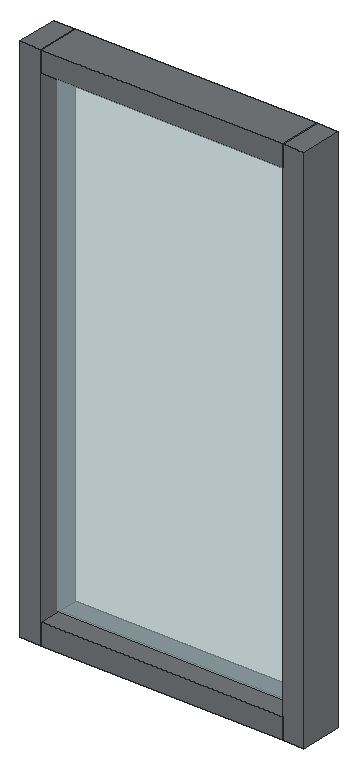
Revit family "LC W13 - A11", category Windows, host Wall, Revit 2027
Family settings
  Host = Wall
  Always vertical = Yes
  Cut with Voids When Loaded = No
  Shared = No
  Room Calculation Point = No
Parameters (values of type "A11 nominal size")
  Height = 1260 mm  # constant formula
  Description = "A07/A08 position, A11 overall sizes. Frame50x100 and glazing6mm are visual coordination profiles; manufacturer sections/glazing specification pending. Panel divisions follow schedule appearance, undimensioned divisions provisional."
  Default Sill Height = 0 mm
  Wall Closure = By host
  Width = 670 mm  # constant formula
Reference planes
  plane 1 "Center (Front/Back)": y = 0
  plane 2 "Center (Left/Right)": x = 0
  plane 3 "Left": x = -335
  plane 4 "Right": x = 335
  plane 5 "Sill": z = 0
  plane 6 "Head": z = 1260
  plane 7 "Exterior": y = 100
  plane 8 "Interior": y = -100
Forms (mm)
  Extrusion 1, solid, material "LC Aluminium - charcoal coordination"
    sketch origin (0, 0, 0) x (1, 0, 0) y (0, 1, 0)
      loop
        line (-335, -50) -> (-285, -50) -> (-285, 50) -> (-335, 50) -> (-335, -50)
    from 0 to 1260
  Extrusion 2, solid, material "LC Aluminium - charcoal coordination"
    sketch origin (0, 0, 0) x (1, 0, 0) y (0, 1, 0)
      loop
        line (285, -50) -> (335, -50) -> (335, 50) -> (285, 50) -> (285, -50)
    from 0 to 1260
  Extrusion 3, solid, material "LC Aluminium - charcoal coordination"
    sketch origin (0, 0, 0) x (1, 0, 0) y (0, 1, 0)
      loop
        line (-285, -50) -> (285, -50) -> (285, 50) -> (-285, 50) -> (-285, -50)
    from 1210 to 1260
  Extrusion 4, solid, material "LC Aluminium - charcoal coordination"
    sketch origin (0, 0, 0) x (1, 0, 0) y (0, 1, 0)
      loop
        line (-285, -50) -> (285, -50) -> (285, 50) -> (-285, 50) -> (-285, -50)
    from 0 to 50
  Extrusion 5, solid, material "LC Glazing - specification pending"
    sketch origin (0, 0, 0) x (1, 0, 0) y (0, 1, 0)
      loop
        line (-285, -3) -> (285, -3) -> (285, 3) -> (-285, 3) -> (-285, -3)
    from 50 to 1210
Lines and regions (mm)
  Opening 1
    outline origin (3500, -100, 0) x (1, 0, 0) y (0, 0, 1)
      loop
        line (-3165, 0) -> (-3165, 1260) -> (-3835, 1260) -> (-3835, 0) -> (-3165, 0)
Text (mm)
  text "Exterior" at (-1963.203, 1332.353, 0), in view "Ref. Level"
  text "Interior" at (-1981.466, -818.386, 0), in view "Ref. Level"
  text "Exterior" at (0, 923.751, 2943.296), in view "Right"
  text "Exterior" at (0, 1040.484, 2685.409), in view "Left"
Dimensions and locks
  equal spacing: plane 3 "Left", plane 2 "Center (Left/Right)", plane 4 "Right"
  "Width": plane 3 "Left" to plane 4 "Right"
  "Height": plane 5 "Sill" to plane 6 "Head"
  "Default Sill Height": plane 5 "Sill" to level
  locked: plane 7 "Exterior" to host wall
  locked: plane 8 "Interior" to host wall
Automatic sketch dimensions
  Opening 1 sketch curve to plane 3 "Left" = 0 mm
  Opening 1 sketch curve to plane 4 "Right" = 0 mm
  Opening 1 sketch curve to plane 5 "Sill" = 0 mm
  Opening 1 sketch curve to plane 6 "Head" = 0 mm
  Extrusion 1 sketch curve to plane 3 "Left" = 0 mm
  Extrusion 1 sketch curve to Extrusion 1 sketch curve = 50 mm
  host wall to Extrusion 1 sketch curve = 50 mm
  Extrusion 1 sketch curve to host wall = 50 mm
  Extrusion 2 sketch curve to plane 4 "Right" = 0 mm
  plane 4 "Right" to Extrusion 2 sketch curve = 50 mm
  host wall to Extrusion 2 sketch curve = 50 mm
  Extrusion 2 sketch curve to host wall = 50 mm
  Extrusion 3 sketch curve to plane 3 "Left" = 50 mm
  plane 4 "Right" to Extrusion 3 sketch curve = 50 mm
  host wall to Extrusion 3 sketch curve = 50 mm
  Extrusion 3 sketch curve to host wall = 50 mm
  Extrusion 4 sketch curve to plane 3 "Left" = 50 mm
  plane 4 "Right" to Extrusion 4 sketch curve = 50 mm
  host wall to Extrusion 4 sketch curve = 50 mm
  Extrusion 4 sketch curve to host wall = 50 mm
  host wall to Extrusion 5 sketch curve = 3 mm
  Extrusion 5 sketch curve to plane 3 "Left" = 50 mm
  Extrusion 5 sketch curve to host wall = 3 mm
  plane 4 "Right" to Extrusion 5 sketch curve = 50 mm
